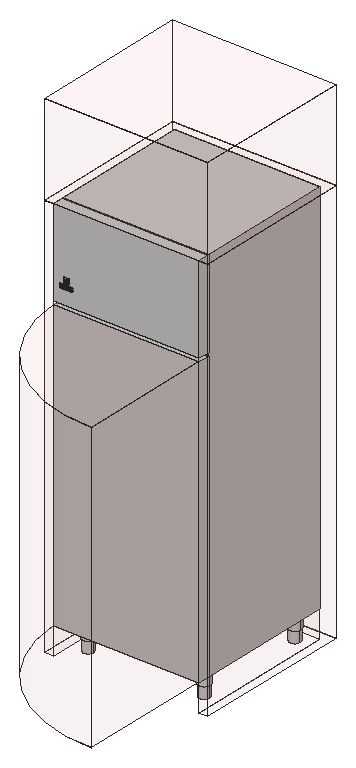
Revit family "QF_ELECTROLUXPROFESSIONAL_725224_ECBCFA100SB", category Attrezzature speciali, Revit 2018
Family settings
  Quota connettore circolare = Usa diametro
  Tipo di parte = Normale
  Basato su piano di lavoro = No
  Sempre verticale = Sì
  Taglio con vuoti quando caricato = No
  Condiviso = No
  Punto di calcolo locali = No
Parameters (values of type "Standard")
  Weight = 230.00 kg
  Watts = 3070 W
  Volts = 220 V
  URL Manufacturer = "https://www.electroluxprofessional.com/"
  URL = "https://www.electroluxprofessional.com/"
  Steam Supply Size = 0 mm
  Steam Supply Minimum Pressure = 0.0 Pa
  Steam Supply Maximum Pressure = 0.0 Pa
  Steam Consumption per Hour = 0
  Show Logo [instance] = yes
  Show Clearance [instance] = yes
  Refrigeration Suction Line Size = 0 mm
  Refrigeration Liquid Line Size = 0 mm
  Refrigerant Compressor Remote = yes
  Produttore = "Electrolux Professional"
  Phase = 3
  Modello = "ECBCFA100SB"
  Length Actual = 800 mm  # constant formula
  Item Number = "725224"
  Hot Water Size = 0 mm
  Height Actual = 2232 mm  # constant formula
  HP = "4.1 HP"
  Gas Size = 0 mm
  Gas KW = 0
  Gas Input Pressure = 0 W
  Direct Waste Size = 0 mm
  Descrizione = "BLAST CHILLER/FREEZER CW 100KG 20 GN 1/1 - R452A - 220-230V - 60HZ"
  Depth Actual = 833 mm  # constant formula
  Cycle = 60 Hz
  Condensate Return Size = 0 mm
  Compressed Air Volume = 0.0 L/s
  Compressed Air Size = 0 mm
  Compressed Air Pressure = 0.0 Pa
  Cold Water Size = 0 mm
  Accessory = yes
Types (2, lengths in mm): name | URL | Produttore | Phase | Modello | Descrizione
  (no name) | 0 | 0 | 0 | 0 | 0
  Standard | "https://www.electroluxprofessional.com/" | "Electrolux Professional" | 3 | "ECBCFA100SB" | "BLAST CHILLER/FREEZER CW 100KG 20 GN 1/1 - R452A - 220-230V - 60HZ"
Values of the unnamed type that differ from the named types
  Weight = 0.00 kg
  Watts = 0 W
  Volts = 0 V
  URL Manufacturer = ""
  Item Number = ""
  HP = ""
  Cycle = 0 Hz
Reference planes
  plane 1 "Center X": y = 131.351
  plane 2: z = 0
  plane 3 "Center Y": x = -359
  plane 4 "LEFT": x = -759
  plane 5 "BACK": y = 547.851
  plane 6 "RIGHT": x = 41
  plane 7 "FRONT": y = -285.149
  plane 8: z = 153
  plane 9 "TOP": z = 2232
  plane 10: x = -678
  plane 11: y = 475.851
  plane 12: x = -40
  plane 13: y = -52.149
  plane 14: z = 2212
  plane 15: y = -1022.149
Forms (mm)
  Extrusion 1, solid, material "QF_Finishes_Stainless Steel"
    sketch origin (0, 0, 2232) x (-1, 0, 0) y (0, -1, 0)
      loop
        line (759, 220.149) -> (-41, 220.149) -> (-41, -547.851) -> (759, -547.851) -> (759, 220.149)
    from 0 to -2079
  Extrusion 2, solid, material "QF_Finishes_Stainless Steel"
    sketch origin (-499.727, 496.851, 2154) x (1, 0, 0) y (0, 0, -1)
      loop
        circle (121.727, 1974) r 10.5
    from 0 to 10
  Extrusion 3, solid, material "QF_Finishes_Stainless Steel"
    sketch origin (-1206.916, -1524, 1911.234) x (-1, 0, 0) y (0, -1, 0)
      loop
        line (-447.916, -1238.851) -> (-1247.916, -1238.851) -> (-1247.916, -1303.851) -> (-447.916, -1303.851) -> (-447.916, -1238.851)
    from 320.766 to -159.234
  Extrusion 4, solid, material "QF_Finishes_Stainless Steel"
    sketch origin (-1206.916, -1636, 183) x (0, -1, 0) y (-1, 0, 0)
      loop
        circle (-1673.851, -847.916) r 9.5
    from 30 to 40
  Extrusion 5, solid, material "QF_Finishes_Stainless Steel"
    sketch origin (-623, 0, 1593.279) x (1, 0, 0) y (0, 1, 0)
      loop
        line (664, -285.149) -> (664, -220.149) -> (-136, -220.149) -> (-136, -285.149) -> (664, -285.149)
    from 139.721 to -1440.279
  Extrusion 6, solid, material "QF_Clearance", visible <- "Show Clearance"
    sketch origin (0, 0, 0) x (1, 0, 0) y (0, 1, 0)
      loop
        line (-759, 547.851) -> (41, 547.851) -> (41, -285.149) -> (91, -285.149) -> (91, 597.851) -> (-809, 597.851) -> (-809, -285.149) -> (-759, -285.149) -> (-759, 547.851)
    from 0 to 2232
  Extrusion 7, solid, material "QF_Clearance", visible <- "Show Clearance"
    sketch origin (0, 0, 0) x (1, 0, 0) y (0, 1, 0)
      loop
        line (-809, 597.851) -> (-809, -285.149) -> (91, -285.149) -> (91, 597.851) -> (-809, 597.851)
    from 2232 to 2732
  Extrusion 8, solid, material "QF_Clearance"
    sketch origin (0, 0, 0) x (1, 0, 0) y (0, 1, 0)
      loop
        line (41, -1022.149) -> (41, -285.149) -> (-759, -285.149)
        arc (-759, -285.149) -> (-508.136, -815.533) -> (41, -1022.149) r 781.976
    from 153 to 1733
  Extrusion 9, solid, material "QF_Finishes_Stainless Steel"
    sketch origin (-1206.916, 517.851, 128.149) x (1, 0, 0) y (0, 0, -1)
      loop
        circle (847.916, -1673.851) r 9.5
    from 30 to 40
Cuts and joins
  joined: Extrusion 1, Extrusion 2, Extrusion 4
Lines and regions (mm)
  Split face 1
    outline origin (41, -285.149, 1561.234) x (-1, 0, 0) y (0, 0, -1)
      loop
        line (800, -272) -> (600, -272) -> (575.858, -247.858) -> (224.142, -247.858) -> (200, -272) -> (0, -272)
  Split face 2
    outline origin (41, -285.149, 1561.234) x (-1, 0, 0) y (0, 0, -1)
      loop
        line (800, -232) -> (0, -232)
  Split face 3
    outline origin (22, -285.149, 1561.234) x (-1, 0, 0) y (0, 0, -1)
      loop
        line (408.5, -305.998) -> (408.5, -290.998) -> (353.5, -290.998) -> (353.5, -305.998) -> (408.5, -305.998)
  Split face 4
    outline origin (22, -285.149, 1536.234) x (-1, 0, 0) y (0, 0, -1)
      loop
        line (408.5, -305.998) -> (408.5, -290.998) -> (353.5, -290.998) -> (353.5, -305.998) -> (408.5, -305.998)
  Split face 5
    outline origin (41, -285.149, 1911.234) x (-1, 0, 0) y (0, 0, -1)
      loop
        line (800, 18.234) -> (0, 18.234)
  symbolic lines
    curve 1: line (-759, 547.851, 2232) -> (41, 547.851, 2232)
    curve 2: line (-759, -285.149, 2232) -> (-759, 547.851, 2232)
    curve 3: line (41, 547.851, 2232) -> (41, -285.149, 2232)
    curve 4: line (41, -285.149, 0) -> (-759, -285.149, 0)
  symbolic lines, style "QF_Clearances"
    curve 5: line (-809, 597.851, 0) -> (-809, -285.149, 0)
    curve 6: line (-809, -285.149, 0) -> (-759, -285.149, 0)
    curve 7: line (91, 597.851, 0) -> (91, -285.149, 0)
    curve 8: line (41, -285.149, 0) -> (91, -285.149, 0)
    curve 9: line (91, 597.851, 0) -> (-809, 597.851, 0)
  symbolic lines, style "QF_Door-Drawer Clearances"
    curve 10: arc (-759, -285.149, 0) -> (-508.136, -815.533, 0) -> (41, -1022.149, 0) r 781.976
    curve 11: line (41, -1022.149, 0) -> (41, -285.149, 0)
Dimensions and locks
  equal spacing: plane 4 "LEFT", plane 3 "Center Y", plane 6 "RIGHT"
  plane 4 "LEFT" to plane 6 "RIGHT" = 800 mm
  plane 5 "BACK" to plane 7 "FRONT" = 833 mm
  equal spacing: plane 5 "BACK", plane 1 "Center X", plane 7 "FRONT"
  cut or joined group of Extrusion 1, Extrusion 2, Extrusion 4 to Extrusion 2 sketch curve = 381 mm
  level to Extrusion 2 sketch curve = 180 mm
  plane 5 "BACK" to Extrusion 4 sketch curve = 510 mm
  plane 4 "LEFT" to Extrusion 4 sketch curve = 400 mm
  Extrusion 2 sketch curve to plane 4 "LEFT" = 381 mm
  plane 9 "TOP" to plane 2 = 2232 mm
  locked: plane 9 "TOP" to plane 14 at 20
  plane 8 to level = 153 mm
  plane 6 "RIGHT" to plane 12 = 81 mm
  plane 5 "BACK" to plane 15 = 1570 mm
  aligned and locked: level to plane 2
  aligned and locked: plane 12 to nested 3
  aligned and locked: plane 12 to nested 2
  aligned and locked: nested 4 to plane 11
  aligned and locked: nested 3 to plane 11
  aligned and locked: Extrusion 1 to plane 4 "LEFT"
  aligned and locked: plane 6 "RIGHT" to Extrusion 1
  aligned and locked: Extrusion 7 sketch curve to Extrusion 6  (x3)
  aligned and locked: Extrusion 7 to plane 9 "TOP"
  aligned and locked: Extrusion 1 to plane 8
  aligned and locked: plane 10 to nested 1
  aligned and locked: plane 10 to nested 4
  aligned and locked: plane 9 "TOP" to Extrusion 1
  aligned and locked: plane 9 "TOP" to Extrusion 6
  aligned and locked: plane 5 "BACK" to Extrusion 1 sketch curve
Automatic sketch dimensions
  curve 6 to plane 7 "FRONT" = 0 mm
  curve 4 to plane 4 "LEFT" = 0 mm
  curve 8 to plane 6 "RIGHT" = 0 mm
  curve 1 to plane 5 "BACK" = 0 mm
  curve 1 to plane 6 "RIGHT" = 0 mm
  curve 2 to plane 4 "LEFT" = 0 mm
  curve 3 to plane 7 "FRONT" = 0 mm
  curve 2 to plane 7 "FRONT" = 0 mm
  Extrusion 3 sketch curve to plane 6 "RIGHT" = 0 mm
  Extrusion 3 sketch curve to plane 4 "LEFT" = 0 mm
  Extrusion 3 sketch curve to plane 7 "FRONT" = 0 mm
  Extrusion 3 sketch curve to Extrusion 3 sketch curve = 65 mm
  Extrusion 5 sketch curve to plane 4 "LEFT" = 0 mm
  Extrusion 5 sketch curve to plane 6 "RIGHT" = 0 mm
  Extrusion 5 sketch curve to plane 7 "FRONT" = 0 mm
  Extrusion 5 sketch curve to Extrusion 5 sketch curve = 65 mm
  Split face 1 sketch curve to Extrusion 3 = 0 mm
  Extrusion 3 to Split face 1 sketch curve = 0 mm
  Split face 1 sketch curve to Extrusion 3 = 81.234 mm
  Split face 1 sketch curve to Split face 1 sketch curve = 200 mm
  Split face 1 sketch curve to Split face 1 sketch curve = 24.142 mm  (x3)
  Split face 1 sketch curve to Extrusion 3 = 57.092 mm
  Split face 1 sketch curve to Extrusion 3 = 224.142 mm
  Split face 2 sketch curve to Extrusion 3 = 0 mm
  Extrusion 3 to Split face 2 sketch curve = 0 mm
  Split face 2 sketch curve to Extrusion 3 = 41.234 mm
  Split face 3 sketch curve to Extrusion 3 = 115.232 mm
  Split face 3 sketch curve to Extrusion 3 = 372.5 mm
  Split face 3 sketch curve to Split face 3 sketch curve = 55 mm
  Split face 3 sketch curve to Split face 3 sketch curve = 15 mm
  Split face 4 sketch curve to Extrusion 3 = 90.232 mm
  Split face 4 sketch curve to Extrusion 3 = 372.5 mm
  Split face 4 sketch curve to Split face 4 sketch curve = 55 mm
  Split face 4 sketch curve to Split face 4 sketch curve = 15 mm
  Split face 5 sketch curve to Extrusion 3 = 0 mm
  Extrusion 3 to Split face 5 sketch curve = 0 mm
  Split face 5 sketch curve to Extrusion 3 = 141 mm
  Extrusion 8 sketch curve to plane 4 "LEFT" = 0 mm
  Extrusion 8 sketch curve to plane 6 "RIGHT" = 0 mm
  Extrusion 8 sketch curve to plane 15 = 0 mm
  Extrusion 8 sketch curve to plane 7 "FRONT" = 0 mm
  Extrusion 8 sketch curve to plane 6 "RIGHT" = 19.305 mm
  Extrusion 9 sketch curve to plane 3 "Center Y" = 0 mm
  plane 8 to Extrusion 9 sketch curve = 1649 mm
  Extrusion 6 sketch curve to plane 7 "FRONT" = 0 mm  (x2)
  Extrusion 6 sketch curve to plane 6 "RIGHT" = 0 mm
  Extrusion 6 sketch curve to plane 4 "LEFT" = 50 mm
  plane 6 "RIGHT" to Extrusion 6 sketch curve = 50 mm
  plane 5 "BACK" to Extrusion 6 sketch curve = 50 mm
  Extrusion 6 sketch curve to plane 5 "BACK" = 0 mm
  Extrusion 6 sketch curve to plane 4 "LEFT" = 0 mm
  plane 5 "BACK" to Extrusion 7 sketch curve = 50 mm
  Extrusion 1 sketch curve to plane 6 "RIGHT" = 0 mm
  Extrusion 1 sketch curve to plane 4 "LEFT" = 0 mm
  plane 7 "FRONT" to Extrusion 1 sketch curve = 65 mm
  curve 10 to plane 15 = 0 mm
  curve 10 to plane 6 "RIGHT" = 19.305 mm
  plane 6 "RIGHT" to curve 9 = 50 mm
  plane 5 "BACK" to curve 7 = 50 mm
  curve 9 to plane 4 "LEFT" = 50 mm
  radius of Extrusion 2 sketch curve = 10.5 mm
  radius of Extrusion 4 sketch curve = 9.5 mm
  radius of Extrusion 9 sketch curve = 9.5 mm
Nested families
  nested 1: "Foot_Complete" at (-678, -148.149, 0), type "Foot_Complete"
    with H 153 mm
  nested 2: "Foot_Complete" at (-40, -148.149, 0), type "Foot_Complete"
    with H 153 mm
  nested 3: "Foot_Complete" at (-40, 475.851, 0), type "Foot_Complete"
    with H 153 mm
  nested 4: "Foot_Complete" at (-678, 475.851, 0), type "Foot_Complete"
    with H 153 mm
  nested 5: "ELX_Pro_Logo" at (-689, -285.149, 1859.25) x (1, 0, 0) z (0, -1, 0), type "ELX_Pro_Logo"
Connectors
  piping at (-359, 37.851, 143), diameter 19
    settings: on cut or joined group of Extrusion 1, Extrusion 2, Extrusion 4, index 6, connector inside diameter 609.6 mm, connector length 0 mm, flow factor 0, pipe flow 0.0 L/s, pressure drop 0.0 Pa, fitting loss kfactor 0, connector angle 0.00°, fixture units 0, engagement length 0 mm, angle of deflection 0.00°, flow configuration 1, flow direction 2, fitting loss method 0, system type 16, joint type 0, gender type 0, connector reference index -1, connector utility 0, adjustable connector no, is connector primary yes, connector description "Drain"
  electrical at (-359, 557.851, 1802)
    settings: on Extrusion 9, index 7, voltage 0 V, apparent load 0 VA, apparent load phase1 0 VA, apparent load phase2 0 VA, apparent load phase3 0 VA, power factor 1, load classification "Altro", number of poles 1, system type 30, power factor state 1, is connector primary yes, connector utility no, sub classification motor no, connector description ""
Definition of nested family "Foot_Complete"
  Parameters
    R = 32 mm
    H = 150 mm
  Reference planes
    plane 1 "Centro (Fronte/Retro)": y = 0
    plane 2: z = 0
    plane 3 "Centro (Sinistra/Destra)": x = 0
    plane 4: z = 150
  Forms (mm)
    Revolve 1, solid
      sketch origin (255.05, 0, 608.09) x (0, 0, 1) y (-1, 0, 0)
        loop
          line (-608.09, 255.05) -> (-608.09, 226.55) -> (-544.09, 226.55) -> (-544.09, 223.05) -> (-458.09, 223.05) -> (-458.09, 255.05) -> (-608.09, 255.05)
        axis (-608.09, 255.05) -> (-458.09, 255.05)
      angle from 0 to 360
  Dimensions and locks
    locked: level to Revolve 1 sketch curve at 64
    "R": Revolve 1 sketch curve to plane 3 "Centro (Sinistra/Destra)"
    "H": plane 4 to level
    aligned and locked: level to plane 2
    aligned and locked: plane 4 to Revolve 1 sketch curve
    aligned and locked: Revolve 1 sketch curve to level
    aligned and locked: plane 3 "Centro (Sinistra/Destra)" to Revolve 1 sketch curve
  Automatic sketch dimensions
    Revolve 1 sketch curve to plane 3 "Centro (Sinistra/Destra)" = 0 mm
    plane 3 "Centro (Sinistra/Destra)" to Revolve 1 sketch curve = 28.5 mm
    Revolve 1 sketch curve to Revolve 1 sketch curve = 50 mm
    Revolve 1 sketch curve to Revolve 1 sketch curve = 20 mm
Definition of nested family "ELX_Pro_Logo"
  Parameters (values of type "ELX_Pro_Logo")
    M = none
    Default Elevation = 0 mm
  Reference planes
    plane 1 "Centro (Fronte/Retro)": y = 0
    plane 2: z = 0
    plane 3 "Centro (Sinistra/Destra)": x = 0
  Forms (mm)
    Extrusion 1, solid
      sketch origin (0, 0, 0) x (1, 0, 0) y (0, 1, 0)
        loop
          line (-1219.2, 1219.2) -> (-1219.2, -1219.2) -> (1219.2, -1219.2) -> (1219.2, 1219.2) -> (-1219.2, 1219.2)
      from 0 to -304.8
    Extrusion 2, solid, material <- "M"
      sketch origin (-144.622, -1081.55, 0) x (-1, 0, 0) y (0, -1, 0)
        loop
          line (-111.329, -1069.559) -> (-111.329, -1071.073) -> (-116.048, -1071.073) -> (-116.048, -1072.896) -> (-111.328, -1072.896) -> (-111.328, -1075.549) -> (-116.349, -1075.549) -> (-116.349, -1077.368) -> (-109.396, -1077.368) -> (-109.396, -1073.46) -> (-109.396, -1069.659)
          arc (-109.396, -1069.659) -> (-110.425, -1067.175) -> (-112.909, -1066.146) r 3.513
          line (-112.909, -1066.146) -> (-116.483, -1066.146) -> (-116.483, -1067.963) -> (-112.925, -1067.963)
          arc (-112.925, -1067.963) -> (-111.797, -1068.431) -> (-111.329, -1069.559) r 1.596
        loop
          line (-119.79, -1077.358) -> (-117.856, -1077.358) -> (-117.856, -1072.053) -> (-117.856, -1066.132) -> (-119.79, -1066.132) -> (-119.79, -1072.092) -> (-119.79, -1077.358)
        loop
          line (-122.986, -1069.718) -> (-129.327, -1069.718)
          arc (-129.327, -1069.718) -> (-129.219, -1071.449) -> (-128.497, -1073.026) r 4.757
          arc (-128.497, -1073.026) -> (-125.237, -1074.5) -> (-121.978, -1073.026) r 4.34
          arc (-121.978, -1073.026) -> (-121.072, -1070.207) -> (-121.978, -1067.388) r 4.838
          arc (-121.978, -1067.388) -> (-125.393, -1065.933) -> (-128.809, -1067.388) r 4.737
          line (-128.809, -1067.388) -> (-127.645, -1068.52)
          arc (-127.645, -1068.52) -> (-125.509, -1067.576) -> (-123.374, -1068.52) r 2.888
          arc (-123.374, -1068.52) -> (-123.05, -1069.077) -> (-122.986, -1069.718) r 1.527
        loop
          arc (-127.386, -1071.076) -> (-126.67, -1072.331) -> (-125.331, -1072.872) r 2.201
          arc (-125.331, -1072.872) -> (-123.848, -1072.402) -> (-123.033, -1071.076) r 2.23
          line (-123.033, -1071.076) -> (-127.386, -1071.076)
        loop
          line (-136.862, -1071.886) -> (-138.059, -1073.132)
          arc (-138.059, -1073.132) -> (-130.327, -1070.219) -> (-138.059, -1067.306) r 4.415
          line (-138.059, -1067.306) -> (-136.862, -1068.553)
          arc (-136.862, -1068.553) -> (-132.252, -1070.22) -> (-136.862, -1071.886) r 2.606
        loop
          line (-141.192, -1069.673) -> (-141.192, -1072.494) -> (-142.951, -1072.494) -> (-142.951, -1074.25) -> (-141.195, -1074.25) -> (-141.195, -1077.358) -> (-139.262, -1077.358) -> (-139.262, -1073.332) -> (-139.262, -1069.514)
          arc (-139.262, -1069.514) -> (-140.299, -1066.92) -> (-142.98, -1066.132) r 3.196
          line (-142.98, -1066.132) -> (-142.987, -1067.949)
          arc (-142.987, -1067.949) -> (-141.652, -1068.356) -> (-141.192, -1069.673) r 1.542
        loop
          line (-146.494, -1073.042) -> (-146.494, -1074.25) -> (-144.576, -1074.25) -> (-144.576, -1070.271) -> (-144.576, -1066.132) -> (-146.494, -1066.132) -> (-146.494, -1070.401)
          arc (-146.494, -1070.401) -> (-147.446, -1072.228) -> (-149.489, -1072.494) r 2.229
          line (-149.489, -1072.494) -> (-149.489, -1074.362)
          arc (-149.489, -1074.362) -> (-147.761, -1074.226) -> (-146.494, -1073.042) r 2.627
        loop
          line (-159.833, -1072.246) -> (-159.833, -1066.131) -> (-161.767, -1066.131) -> (-161.767, -1072.17) -> (-161.767, -1077.359) -> (-159.833, -1077.359) -> (-159.833, -1072.246)
        loop
          line (-165.194, -1069.514) -> (-165.194, -1074.25) -> (-163.245, -1074.25) -> (-163.245, -1071.898) -> (-163.245, -1069.098)
          arc (-163.245, -1069.098) -> (-166.96, -1065.769) -> (-170.687, -1069.085) r 3.745
          line (-170.687, -1069.085) -> (-170.687, -1071.898) -> (-170.687, -1074.25) -> (-168.739, -1074.25) -> (-168.739, -1069.514)
          arc (-168.739, -1069.514) -> (-166.967, -1067.742) -> (-165.194, -1069.514) r 1.772
        loop
          line (-174.654, -1070.416) -> (-172.975, -1068.078) -> (-171.578, -1066.131) -> (-173.656, -1066.131) -> (-175.717, -1068.999) -> (-177.779, -1066.131) -> (-179.857, -1066.131) -> (-178, -1068.728) -> (-176.781, -1070.433) -> (-178.29, -1072.488) -> (-179.583, -1074.25) -> (-177.473, -1074.25) -> (-175.717, -1071.818) -> (-173.945, -1074.25) -> (-171.852, -1074.25) -> (-173.052, -1072.608) -> (-174.654, -1070.416)
        loop
          circle (-154.223, -1070.188) r 2.508
        loop
          circle (-154.223, -1070.188) r 4.42
        loop
          line (-110.224, -1058.542) -> (-111.194, -1058.542)
          arc (-111.194, -1058.542) -> (-112.217, -1059.95) -> (-110.924, -1061.114) r 1.3
          line (-110.924, -1061.114) -> (-109.424, -1061.114) -> (-109.424, -1057.223) -> (-110.224, -1057.223) -> (-110.224, -1058.542)
        loop
          line (-110.224, -1060.379) -> (-110.224, -1059.293) -> (-111.03, -1059.293)
          arc (-111.03, -1059.293) -> (-111.43, -1059.836) -> (-111.03, -1060.379) r 0.569
          line (-111.03, -1060.379) -> (-110.224, -1060.379)
        loop
          line (-116.302, -1058.564) -> (-117.128, -1058.564) -> (-117.934, -1057.223) -> (-118.841, -1057.223) -> (-117.833, -1058.884)
          arc (-117.833, -1058.884) -> (-118.214, -1060.282) -> (-117.028, -1061.114) r 1.26
          line (-117.028, -1061.114) -> (-115.503, -1061.114) -> (-115.503, -1057.223) -> (-116.302, -1057.223) -> (-116.302, -1058.564)
        loop
          line (-116.302, -1060.379) -> (-116.302, -1059.293) -> (-117.109, -1059.293)
          arc (-117.109, -1059.293) -> (-117.508, -1059.836) -> (-117.109, -1060.379) r 0.569
          line (-117.109, -1060.379) -> (-116.302, -1060.379)
        loop
          line (-128.923, -1057.223) -> (-129.723, -1057.223) -> (-129.723, -1058.714) -> (-131.187, -1058.714) -> (-131.187, -1059.514) -> (-129.723, -1059.514) -> (-129.723, -1060.314) -> (-131.327, -1060.314) -> (-131.327, -1061.114) -> (-128.923, -1061.114) -> (-128.923, -1057.223)
        loop
          arc (-134.628, -1058.469) -> (-134.992, -1057.588) -> (-135.874, -1057.223) r 1.246
          line (-135.874, -1057.223) -> (-137.13, -1057.223) -> (-137.13, -1058.023) -> (-135.969, -1058.023)
          arc (-135.969, -1058.023) -> (-135.53, -1058.237) -> (-135.427, -1058.714) r 0.558
          line (-135.427, -1058.714) -> (-136.984, -1058.714) -> (-136.984, -1059.514) -> (-135.427, -1059.514) -> (-135.427, -1060.314) -> (-137.092, -1060.314) -> (-137.092, -1061.114) -> (-134.628, -1061.114) -> (-134.628, -1058.469)
        loop
          line (-152.3, -1057.223) -> (-153.1, -1057.223) -> (-153.1, -1061.114) -> (-152.3, -1061.114) -> (-152.3, -1057.223)
        loop
          line (-164.67, -1057.223) -> (-164.67, -1059.67) -> (-166.45, -1057.223) -> (-167.25, -1057.223) -> (-167.25, -1061.114) -> (-166.42, -1061.114) -> (-166.42, -1058.594) -> (-164.64, -1061.114) -> (-163.84, -1061.114) -> (-163.84, -1057.223) -> (-164.67, -1057.223)
        loop
          line (-170.403, -1057.223) -> (-171.262, -1057.223) -> (-171.641, -1058.063) -> (-173.08, -1058.063) -> (-173.459, -1057.223) -> (-174.317, -1057.223) -> (-172.796, -1061.113) -> (-171.996, -1061.113) -> (-170.403, -1057.223)
        loop
          line (-177.493, -1057.223) -> (-179.789, -1057.223) -> (-179.789, -1058.023) -> (-178.293, -1058.023) -> (-178.293, -1061.114) -> (-177.493, -1061.114) -> (-177.493, -1057.223)
        loop
          line (-172.362, -1059.848) -> (-171.945, -1058.83) -> (-172.76, -1058.83) -> (-172.362, -1059.848)
        loop
          circle (-158.484, -1059.145) r 1.288
        loop
          circle (-158.484, -1059.145) r 2.065
        loop
          arc (-146.04, -1058.095) -> (-146.933, -1057.275) -> (-148.145, -1057.245) r 1.725
          arc (-148.145, -1057.245) -> (-148.965, -1058.02) -> (-148.68, -1059.111) r 1.107
          arc (-148.68, -1059.111) -> (-148.103, -1059.465) -> (-147.486, -1059.746) r 5.523
          arc (-147.486, -1059.746) -> (-147.147, -1060.262) -> (-147.708, -1060.52) r 0.407
          arc (-147.708, -1060.52) -> (-148.045, -1060.315) -> (-148.325, -1060.038) r 1.702
          line (-148.325, -1060.038) -> (-149.011, -1060.45)
          arc (-149.011, -1060.45) -> (-148.578, -1060.911) -> (-148.043, -1061.247) r 2.463
          arc (-148.043, -1061.247) -> (-146.373, -1060.466) -> (-147.42, -1058.949) r 1.207
          spline (-147.42, -1058.949) -> (-147.716, -1058.809) -> (-147.932, -1058.678) -> (-148.077, -1058.557) -> (-148.163, -1058.446) -> (-148.198, -1058.347) -> (-148.192, -1058.258) -> (-148.157, -1058.182) -> (-148.102, -1058.118) -> (-148.037, -1058.068) -> (-147.972, -1058.031) -> (-147.917, -1058.008) -> (-147.883, -1058)
          arc (-147.883, -1058) -> (-147.238, -1058.014) -> (-146.759, -1058.446) r 0.925
          line (-146.759, -1058.446) -> (-146.04, -1058.095)
        loop
          arc (-140.18, -1058.095) -> (-141.073, -1057.275) -> (-142.285, -1057.245) r 1.725
          arc (-142.285, -1057.245) -> (-143.106, -1058.02) -> (-142.821, -1059.111) r 1.107
          arc (-142.821, -1059.111) -> (-142.243, -1059.465) -> (-141.627, -1059.746) r 5.523
          arc (-141.627, -1059.746) -> (-141.287, -1060.262) -> (-141.849, -1060.52) r 0.407
          arc (-141.849, -1060.52) -> (-142.185, -1060.315) -> (-142.466, -1060.038) r 1.702
          line (-142.466, -1060.038) -> (-143.151, -1060.45)
          arc (-143.151, -1060.45) -> (-142.719, -1060.911) -> (-142.183, -1061.247) r 2.463
          arc (-142.183, -1061.247) -> (-140.513, -1060.466) -> (-141.56, -1058.949) r 1.207
          spline (-141.56, -1058.949) -> (-141.856, -1058.809) -> (-142.072, -1058.678) -> (-142.218, -1058.557) -> (-142.303, -1058.446) -> (-142.338, -1058.347) -> (-142.333, -1058.258) -> (-142.298, -1058.182) -> (-142.242, -1058.118) -> (-142.177, -1058.068) -> (-142.112, -1058.031) -> (-142.057, -1058.008) -> (-142.023, -1058)
          arc (-142.023, -1058) -> (-141.378, -1058.014) -> (-140.9, -1058.446) r 0.925
          line (-140.9, -1058.446) -> (-140.18, -1058.095)
        loop
          circle (-123.484, -1059.145) r 1.288
        loop
          circle (-123.484, -1059.145) r 2.065
        loop
          line (-130.225, -1113.361) -> (-130.225, -1084.645) -> (-158.979, -1084.645) -> (-158.979, -1113.361) -> (-130.225, -1113.361)
        loop
          arc (-148.442, -1086.055) -> (-157.992, -1098.973) -> (-148.442, -1111.892) r 13.512
          line (-148.442, -1111.892) -> (-148.442, -1086.055)
        loop
          line (-147.127, -1086.055) -> (-147.127, -1087.926)
          arc (-147.127, -1087.926) -> (-143.116, -1095.125) -> (-135.48, -1098.224) r 12.412
          line (-135.48, -1098.224) -> (-131.205, -1098.224)
          arc (-131.205, -1098.224) -> (-136.382, -1088.497) -> (-147.127, -1086.055) r 13.242
        loop
          line (-147.127, -1110.021) -> (-147.127, -1112.224)
          arc (-147.127, -1112.224) -> (-136.374, -1109.53) -> (-131.205, -1099.722) r 13.588
          line (-131.205, -1099.722) -> (-135.48, -1099.722)
          arc (-135.48, -1099.722) -> (-143.116, -1102.822) -> (-147.127, -1110.021) r 12.412
      from 0 to 1.6
  Lines and regions (mm)
    symbolic lines
      curve 1: line (-14.357, 31.811, 0) -> (14.357, 31.811, 0)
      curve 2: line (-14.357, 3.095, 0) -> (-14.357, 31.811, 0)
      curve 3: line (14.357, 3.095, 0) -> (-14.357, 3.095, 0)
      curve 4: line (14.357, 31.811, 0) -> (14.357, 3.095, 0)
      curve 5: line (-8.32, 7.722, 0) -> (-9.387, 8.738, 0)
      curve 6: line (-9.387, 8.738, 0) -> (-10.331, 9.866, 0)
      curve 7: line (-10.331, 9.866, 0) -> (-11.141, 11.095, 0)
      curve 8: line (-11.141, 11.095, 0) -> (-11.805, 12.411, 0)
      curve 9: line (-11.805, 12.411, 0) -> (-12.31, 13.803, 0)
      curve 10: line (-12.31, 13.803, 0) -> (-12.646, 15.26, 0)
      curve 11: line (-12.646, 15.26, 0) -> (-12.8, 16.77, 0)
      curve 12: line (-12.8, 16.77, 0) -> (-10.081, 16.77, 0)
      curve 13: line (-10.081, 16.77, 0) -> (-8.466, 16.661, 0)
      curve 14: line (-8.466, 16.661, 0) -> (-6.88, 16.344, 0)
      curve 15: line (-6.88, 16.344, 0) -> (-5.345, 15.833, 0)
      curve 16: line (-5.345, 15.833, 0) -> (-3.882, 15.143, 0)
      curve 17: line (-3.882, 15.143, 0) -> (-2.511, 14.288, 0)
      curve 18: line (-2.511, 14.288, 0) -> (-1.255, 13.283, 0)
      curve 19: line (-1.255, 13.283, 0) -> (-0.135, 12.143, 0)
      curve 20: line (-0.135, 12.143, 0) -> (0.83, 10.882, 0)
      curve 21: line (0.83, 10.882, 0) -> (1.616, 9.515, 0)
      curve 22: arc (1.616, 9.515, 0) -> (2.419, 7.28, 0) -> (2.7, 4.923, 0) r 10.532
      curve 23: arc (2.7, 4.923, 0) -> (1.362, 4.715, 0) -> (0.011, 4.633, 0) r 14.39
      curve 24: line (0.011, 4.633, 0) -> (-1.56, 4.731, 0)
      curve 25: line (-1.56, 4.731, 0) -> (-3.062, 5.011, 0)
      curve 26: line (-3.062, 5.011, 0) -> (-4.502, 5.462, 0)
      curve 27: line (-4.502, 5.462, 0) -> (-5.866, 6.072, 0)
      curve 28: line (-5.866, 6.072, 0) -> (-7.142, 6.829, 0)
      curve 29: line (-7.142, 6.829, 0) -> (-8.32, 7.722, 0)
      curve 30: line (-10.802, 24.24, 0) -> (-9.872, 25.531, 0)
      curve 31: line (-9.872, 25.531, 0) -> (-8.796, 26.699, 0)
      curve 32: line (-8.796, 26.699, 0) -> (-7.587, 27.728, 0)
      curve 33: line (-7.587, 27.728, 0) -> (-6.258, 28.602, 0)
      curve 34: line (-6.258, 28.602, 0) -> (-4.823, 29.309, 0)
      curve 35: line (-4.823, 29.309, 0) -> (-3.293, 29.832, 0)
      curve 36: line (-3.293, 29.832, 0) -> (-1.683, 30.156, 0)
      curve 37: arc (-1.683, 30.156, 0) -> (0.517, 30.256, 0) -> (2.702, 29.984, 0) r 13.008
      curve 38: arc (2.702, 29.984, 0) -> (2.453, 27.616, 0) -> (1.617, 25.387, 0) r 9.395
      curve 39: line (1.617, 25.387, 0) -> (0.83, 24.018, 0)
      curve 40: line (0.83, 24.018, 0) -> (-0.134, 22.756, 0)
      curve 41: line (-0.134, 22.756, 0) -> (-1.255, 21.615, 0)
      curve 42: line (-1.255, 21.615, 0) -> (-2.512, 20.609, 0)
      curve 43: line (-2.512, 20.609, 0) -> (-3.882, 19.754, 0)
      curve 44: line (-3.882, 19.754, 0) -> (-5.346, 19.063, 0)
      curve 45: line (-5.346, 19.063, 0) -> (-6.881, 18.551, 0)
      curve 46: line (-6.881, 18.551, 0) -> (-8.467, 18.234, 0)
      curve 47: line (-8.467, 18.234, 0) -> (-10.083, 18.125, 0)
      curve 48: line (-10.083, 18.125, 0) -> (-12.798, 18.125, 0)
      curve 49: line (-12.798, 18.125, 0) -> (-12.584, 19.768, 0)
      curve 50: line (-12.584, 19.768, 0) -> (-12.171, 21.343, 0)
      curve 51: line (-12.171, 21.343, 0) -> (-11.572, 22.839, 0)
      curve 52: line (-11.572, 22.839, 0) -> (-10.802, 24.24, 0)
      curve 53: line (4.048, 5.294, 0) -> (4.048, 29.617, 0)
      curve 54: line (4.048, 29.617, 0) -> (5.525, 29.026, 0)
      curve 55: line (5.525, 29.026, 0) -> (6.905, 28.26, 0)
      curve 56: line (6.905, 28.26, 0) -> (8.174, 27.332, 0)
      curve 57: line (8.174, 27.332, 0) -> (9.318, 26.256, 0)
      curve 58: line (9.318, 26.256, 0) -> (10.323, 25.046, 0)
      curve 59: line (10.323, 25.046, 0) -> (11.177, 23.715, 0)
      curve 60: line (11.177, 23.715, 0) -> (11.865, 22.277, 0)
      curve 61: line (11.865, 22.277, 0) -> (12.375, 20.746, 0)
      curve 62: line (12.375, 20.746, 0) -> (12.693, 19.135, 0)
      curve 63: line (12.693, 19.135, 0) -> (12.804, 17.459, 0)
      curve 64: line (12.804, 17.459, 0) -> (12.702, 15.807, 0)
      curve 65: line (12.702, 15.807, 0) -> (12.396, 14.216, 0)
      curve 66: line (12.396, 14.216, 0) -> (11.897, 12.7, 0)
      curve 67: line (11.897, 12.7, 0) -> (11.218, 11.271, 0)
      curve 68: line (11.218, 11.271, 0) -> (10.372, 9.944, 0)
      curve 69: line (10.372, 9.944, 0) -> (9.37, 8.731, 0)
      curve 70: line (9.37, 8.731, 0) -> (8.224, 7.646, 0)
      curve 71: line (8.224, 7.646, 0) -> (6.947, 6.703, 0)
      curve 72: line (6.947, 6.703, 0) -> (5.551, 5.914, 0)
      curve 73: line (5.551, 5.914, 0) -> (4.048, 5.294, 0)
      curve 74: line (-35.227, -8.09, 0) -> (-35.227, -11.891, 0)
      curve 75: arc (-35.227, -11.891, 0) -> (-34.198, -14.375, 0) -> (-31.714, -15.404, 0) r 3.513
      curve 76: line (-31.714, -15.404, 0) -> (-28.139, -15.404, 0)
      curve 77: line (-28.139, -15.404, 0) -> (-28.139, -13.587, 0)
      curve 78: line (-28.139, -13.587, 0) -> (-31.697, -13.587, 0)
      curve 79: arc (-31.697, -13.587, 0) -> (-32.826, -13.119, 0) -> (-33.293, -11.991, 0) r 1.596
      curve 80: line (-33.293, -11.991, 0) -> (-33.293, -10.477, 0)
      curve 81: line (-33.293, -10.477, 0) -> (-28.574, -10.477, 0)
      curve 82: line (-28.574, -10.477, 0) -> (-28.574, -8.654, 0)
      curve 83: line (-28.574, -8.654, 0) -> (-33.294, -8.654, 0)
      curve 84: line (-33.294, -8.654, 0) -> (-33.294, -6.001, 0)
      curve 85: line (-33.294, -6.001, 0) -> (-28.273, -6.001, 0)
      curve 86: line (-28.273, -6.001, 0) -> (-28.273, -4.182, 0)
      curve 87: line (-28.273, -4.182, 0) -> (-35.227, -4.182, 0)
      curve 88: line (-35.227, -4.182, 0) -> (-35.227, -8.09, 0)
      curve 89: line (-24.833, -9.458, 0) -> (-24.833, -4.192, 0)
      curve 90: line (-24.833, -4.192, 0) -> (-26.766, -4.192, 0)
      curve 91: line (-26.766, -4.192, 0) -> (-26.766, -9.497, 0)
      curve 92: line (-26.766, -9.497, 0) -> (-26.766, -15.418, 0)
      curve 93: line (-26.766, -15.418, 0) -> (-24.833, -15.418, 0)
      curve 94: line (-24.833, -15.418, 0) -> (-24.833, -9.458, 0)
      curve 95: arc (-16.125, -8.524, 0) -> (-19.385, -7.05, 0) -> (-22.645, -8.524, 0) r 4.34
      curve 96: arc (-22.645, -8.524, 0) -> (-23.551, -11.343, 0) -> (-22.645, -14.162, 0) r 4.838
      curve 97: arc (-22.645, -14.162, 0) -> (-19.229, -15.617, 0) -> (-15.813, -14.162, 0) r 4.737
      curve 98: line (-15.813, -14.162, 0) -> (-16.978, -13.03, 0)
      curve 99: arc (-16.978, -13.03, 0) -> (-19.113, -13.974, 0) -> (-21.249, -13.03, 0) r 2.888
      curve 100: arc (-21.249, -13.03, 0) -> (-21.572, -12.473, 0) -> (-21.637, -11.832, 0) r 1.527
      curve 101: line (-21.637, -11.832, 0) -> (-15.295, -11.832, 0)
      curve 102: arc (-15.295, -11.832, 0) -> (-15.404, -10.101, 0) -> (-16.125, -8.524, 0) r 4.757
      curve 103: line (-17.236, -10.474, 0) -> (-21.589, -10.474, 0)
      curve 104: arc (-21.589, -10.474, 0) -> (-20.774, -9.148, 0) -> (-19.291, -8.678, 0) r 2.23
      curve 105: arc (-19.291, -8.678, 0) -> (-17.952, -9.219, 0) -> (-17.236, -10.474, 0) r 2.201
      curve 106: arc (-6.563, -8.418, 0) -> (-14.295, -11.331, 0) -> (-6.563, -14.244, 0) r 4.415
      curve 107: line (-6.563, -14.244, 0) -> (-7.761, -12.997, 0)
      curve 108: arc (-7.761, -12.997, 0) -> (-12.371, -11.33, 0) -> (-7.761, -9.664, 0) r 2.606
      curve 109: line (-7.761, -9.664, 0) -> (-6.563, -8.418, 0)
      curve 110: line (-5.361, -4.192, 0) -> (-5.361, -8.218, 0)
      curve 111: line (-5.361, -8.218, 0) -> (-5.361, -12.036, 0)
      curve 112: arc (-5.361, -12.036, 0) -> (-4.323, -14.63, 0) -> (-1.642, -15.418, 0) r 3.196
      curve 113: line (-1.642, -15.418, 0) -> (-1.636, -13.601, 0)
      curve 114: arc (-1.636, -13.601, 0) -> (-2.97, -13.194, 0) -> (-3.43, -11.877, 0) r 1.542
      curve 115: line (-3.43, -11.877, 0) -> (-3.43, -9.056, 0)
      curve 116: line (-3.43, -9.056, 0) -> (-1.672, -9.056, 0)
      curve 117: line (-1.672, -9.056, 0) -> (-1.672, -7.299, 0)
      curve 118: line (-1.672, -7.299, 0) -> (-3.427, -7.299, 0)
      curve 119: line (-3.427, -7.299, 0) -> (-3.427, -4.192, 0)
      curve 120: line (-3.427, -4.192, 0) -> (-5.361, -4.192, 0)
      curve 121: line (1.872, -7.3, 0) -> (-0.046, -7.3, 0)
      curve 122: line (-0.046, -7.3, 0) -> (-0.046, -11.279, 0)
      curve 123: line (-0.046, -11.279, 0) -> (-0.046, -15.418, 0)
      curve 124: line (-0.046, -15.418, 0) -> (1.872, -15.418, 0)
      curve 125: line (1.872, -15.418, 0) -> (1.872, -11.149, 0)
      curve 126: arc (1.872, -11.149, 0) -> (2.824, -9.322, 0) -> (4.867, -9.056, 0) r 2.229
      curve 127: line (4.867, -9.056, 0) -> (4.867, -7.188, 0)
      curve 128: arc (4.867, -7.188, 0) -> (3.138, -7.324, 0) -> (1.872, -8.508, 0) r 2.627
      curve 129: line (1.872, -8.508, 0) -> (1.872, -7.3, 0)
      curve 130: arc (7.092, -11.362, 0) -> (9.601, -8.854, 0) -> (12.109, -11.362, 0) r 2.508
      curve 131: arc (12.109, -11.362, 0) -> (9.601, -13.871, 0) -> (7.092, -11.362, 0) r 2.508
      curve 132: arc (5.18, -11.362, 0) -> (9.601, -15.783, 0) -> (14.021, -11.362, 0) r 4.42
      curve 133: arc (14.021, -11.362, 0) -> (9.601, -6.942, 0) -> (5.18, -11.362, 0) r 4.42
      curve 134: line (15.211, -4.191, 0) -> (15.211, -9.304, 0)
      curve 135: line (15.211, -9.304, 0) -> (15.211, -15.419, 0)
      curve 136: line (15.211, -15.419, 0) -> (17.145, -15.419, 0)
      curve 137: line (17.145, -15.419, 0) -> (17.145, -9.38, 0)
      curve 138: line (17.145, -9.38, 0) -> (17.145, -4.191, 0)
      curve 139: line (17.145, -4.191, 0) -> (15.211, -4.191, 0)
      curve 140: line (18.622, -7.299, 0) -> (18.622, -9.652, 0)
      curve 141: line (18.622, -9.652, 0) -> (18.622, -12.452, 0)
      curve 142: arc (18.622, -12.452, 0) -> (22.338, -15.781, 0) -> (26.064, -12.465, 0) r 3.745
      curve 143: line (26.064, -12.465, 0) -> (26.064, -9.652, 0)
      curve 144: line (26.064, -9.652, 0) -> (26.064, -7.299, 0)
      curve 145: line (26.064, -7.299, 0) -> (24.116, -7.299, 0)
      curve 146: line (24.116, -7.299, 0) -> (24.116, -12.036, 0)
      curve 147: arc (24.116, -12.036, 0) -> (22.344, -13.808, 0) -> (20.572, -12.036, 0) r 1.772
      curve 148: line (20.572, -12.036, 0) -> (20.572, -7.299, 0)
      curve 149: line (20.572, -7.299, 0) -> (18.622, -7.299, 0)
      curve 150: line (28.43, -8.942, 0) -> (30.032, -11.134, 0)
      curve 151: line (30.032, -11.134, 0) -> (28.353, -13.472, 0)
      curve 152: line (28.353, -13.472, 0) -> (26.955, -15.419, 0)
      curve 153: line (26.955, -15.419, 0) -> (29.033, -15.419, 0)
      curve 154: line (29.033, -15.419, 0) -> (31.095, -12.551, 0)
      curve 155: line (31.095, -12.551, 0) -> (33.156, -15.419, 0)
      curve 156: line (33.156, -15.419, 0) -> (35.234, -15.419, 0)
      curve 157: line (35.234, -15.419, 0) -> (33.378, -12.822, 0)
      curve 158: line (33.378, -12.822, 0) -> (32.158, -11.117, 0)
      curve 159: line (32.158, -11.117, 0) -> (33.668, -9.062, 0)
      curve 160: line (33.668, -9.062, 0) -> (34.961, -7.3, 0)
      curve 161: line (34.961, -7.3, 0) -> (32.851, -7.3, 0)
      curve 162: line (32.851, -7.3, 0) -> (31.095, -9.732, 0)
      curve 163: line (31.095, -9.732, 0) -> (29.323, -7.3, 0)
      curve 164: line (29.323, -7.3, 0) -> (27.23, -7.3, 0)
      curve 165: line (27.23, -7.3, 0) -> (28.43, -8.942, 0)
      curve 166: line (-35.198, -20.436, 0) -> (-35.198, -24.327, 0)
      curve 167: line (-35.198, -24.327, 0) -> (-34.398, -24.327, 0)
      curve 168: line (-34.398, -24.327, 0) -> (-34.398, -23.008, 0)
      curve 169: line (-34.398, -23.008, 0) -> (-33.428, -23.008, 0)
      curve 170: arc (-33.428, -23.008, 0) -> (-32.405, -21.6, 0) -> (-33.699, -20.436, 0) r 1.3
      curve 171: line (-33.699, -20.436, 0) -> (-35.198, -20.436, 0)
      curve 172: line (-34.398, -22.257, 0) -> (-34.398, -21.171, 0)
      curve 173: line (-34.398, -21.171, 0) -> (-33.592, -21.171, 0)
      curve 174: arc (-33.592, -21.171, 0) -> (-33.192, -21.714, 0) -> (-33.592, -22.257, 0) r 0.569
      curve 175: line (-33.592, -22.257, 0) -> (-34.398, -22.257, 0)
      curve 176: line (-29.12, -20.436, 0) -> (-29.12, -24.327, 0)
      curve 177: line (-29.12, -24.327, 0) -> (-28.32, -24.327, 0)
      curve 178: line (-28.32, -24.327, 0) -> (-28.32, -22.986, 0)
      curve 179: line (-28.32, -22.986, 0) -> (-27.494, -22.986, 0)
      curve 180: line (-27.494, -22.986, 0) -> (-26.688, -24.327, 0)
      curve 181: line (-26.688, -24.327, 0) -> (-25.781, -24.327, 0)
      curve 182: line (-25.781, -24.327, 0) -> (-26.789, -22.666, 0)
      curve 183: arc (-26.789, -22.666, 0) -> (-26.409, -21.268, 0) -> (-27.594, -20.436, 0) r 1.26
      curve 184: line (-27.594, -20.436, 0) -> (-29.12, -20.436, 0)
      curve 185: line (-28.32, -22.257, 0) -> (-28.32, -21.171, 0)
      curve 186: line (-28.32, -21.171, 0) -> (-27.514, -21.171, 0)
      curve 187: arc (-27.514, -21.171, 0) -> (-27.114, -21.714, 0) -> (-27.514, -22.257, 0) r 0.569
      curve 188: line (-27.514, -22.257, 0) -> (-28.32, -22.257, 0)
      curve 189: arc (-22.427, -22.405, 0) -> (-21.138, -21.117, 0) -> (-19.85, -22.405, 0) r 1.288
      curve 190: arc (-19.85, -22.405, 0) -> (-21.138, -23.694, 0) -> (-22.427, -22.405, 0) r 1.288
      curve 191: arc (-23.203, -22.405, 0) -> (-21.138, -24.47, 0) -> (-19.074, -22.405, 0) r 2.065
      curve 192: arc (-19.074, -22.405, 0) -> (-21.138, -20.34, 0) -> (-23.203, -22.405, 0) r 2.065
      curve 193: line (-15.7, -20.436, 0) -> (-15.7, -24.327, 0)
      curve 194: line (-15.7, -24.327, 0) -> (-14.9, -24.327, 0)
      curve 195: line (-14.9, -24.327, 0) -> (-14.9, -22.836, 0)
      curve 196: line (-14.9, -22.836, 0) -> (-13.436, -22.836, 0)
      curve 197: line (-13.436, -22.836, 0) -> (-13.436, -22.036, 0)
      curve 198: line (-13.436, -22.036, 0) -> (-14.9, -22.036, 0)
      curve 199: line (-14.9, -22.036, 0) -> (-14.9, -21.236, 0)
      curve 200: line (-14.9, -21.236, 0) -> (-13.295, -21.236, 0)
      curve 201: line (-13.295, -21.236, 0) -> (-13.295, -20.436, 0)
      curve 202: line (-13.295, -20.436, 0) -> (-15.7, -20.436, 0)
      curve 203: line (-9.995, -20.436, 0) -> (-9.995, -23.081, 0)
      curve 204: arc (-9.995, -23.081, 0) -> (-9.63, -23.962, 0) -> (-8.749, -24.327, 0) r 1.246
      curve 205: line (-8.749, -24.327, 0) -> (-7.492, -24.327, 0)
      curve 206: line (-7.492, -24.327, 0) -> (-7.492, -23.527, 0)
      curve 207: line (-7.492, -23.527, 0) -> (-8.653, -23.527, 0)
      curve 208: arc (-8.653, -23.527, 0) -> (-9.092, -23.313, 0) -> (-9.195, -22.836, 0) r 0.558
      curve 209: line (-9.195, -22.836, 0) -> (-7.639, -22.836, 0)
      curve 210: line (-7.639, -22.836, 0) -> (-7.639, -22.036, 0)
      curve 211: line (-7.639, -22.036, 0) -> (-9.195, -22.036, 0)
      curve 212: line (-9.195, -22.036, 0) -> (-9.195, -21.236, 0)
      curve 213: line (-9.195, -21.236, 0) -> (-7.53, -21.236, 0)
      curve 214: line (-7.53, -21.236, 0) -> (-7.53, -20.436, 0)
      curve 215: line (-7.53, -20.436, 0) -> (-9.995, -20.436, 0)
      curve 216: arc (-4.442, -23.455, 0) -> (-3.549, -24.275, 0) -> (-2.337, -24.305, 0) r 1.725
      curve 217: arc (-2.337, -24.305, 0) -> (-1.517, -23.53, 0) -> (-1.802, -22.439, 0) r 1.107
      curve 218: arc (-1.802, -22.439, 0) -> (-2.379, -22.085, 0) -> (-2.996, -21.804, 0) r 5.523
      curve 219: arc (-2.996, -21.804, 0) -> (-3.336, -21.288, 0) -> (-2.774, -21.03, 0) r 0.407
      curve 220: arc (-2.774, -21.03, 0) -> (-2.437, -21.235, 0) -> (-2.157, -21.512, 0) r 1.702
      curve 221: line (-2.157, -21.512, 0) -> (-1.471, -21.1, 0)
      curve 222: arc (-1.471, -21.1, 0) -> (-1.904, -20.639, 0) -> (-2.44, -20.303, 0) r 2.463
      curve 223: arc (-2.44, -20.303, 0) -> (-4.109, -21.084, 0) -> (-3.062, -22.601, 0) r 1.207
      curve 224: line (-3.062, -22.601, 0) -> (-2.6, -23.549, 0)
      curve 225: arc (-2.6, -23.549, 0) -> (-3.244, -23.536, 0) -> (-3.723, -23.104, 0) r 0.925
      curve 226: line (-3.723, -23.104, 0) -> (-4.442, -23.455, 0)
      curve 227: arc (1.418, -23.455, 0) -> (2.311, -24.275, 0) -> (3.523, -24.305, 0) r 1.725
      curve 228: arc (3.523, -24.305, 0) -> (4.343, -23.53, 0) -> (4.058, -22.439, 0) r 1.107
      curve 229: arc (4.058, -22.439, 0) -> (3.48, -22.085, 0) -> (2.864, -21.804, 0) r 5.523
      curve 230: arc (2.864, -21.804, 0) -> (2.524, -21.288, 0) -> (3.086, -21.03, 0) r 0.407
      curve 231: arc (3.086, -21.03, 0) -> (3.423, -21.235, 0) -> (3.703, -21.512, 0) r 1.702
      curve 232: line (3.703, -21.512, 0) -> (4.389, -21.1, 0)
      curve 233: arc (4.389, -21.1, 0) -> (3.956, -20.639, 0) -> (3.42, -20.303, 0) r 2.463
      curve 234: arc (3.42, -20.303, 0) -> (1.75, -21.084, 0) -> (2.798, -22.601, 0) r 1.207
      curve 235: line (2.798, -22.601, 0) -> (3.26, -23.549, 0)
      curve 236: arc (3.26, -23.549, 0) -> (2.616, -23.536, 0) -> (2.137, -23.104, 0) r 0.925
      curve 237: line (2.137, -23.104, 0) -> (1.418, -23.455, 0)
      curve 238: line (7.678, -24.327, 0) -> (8.478, -24.327, 0)
      curve 239: line (8.478, -24.327, 0) -> (8.478, -20.436, 0)
      curve 240: line (8.478, -20.436, 0) -> (7.678, -20.436, 0)
      curve 241: line (7.678, -20.436, 0) -> (7.678, -24.327, 0)
      curve 242: arc (11.797, -22.405, 0) -> (13.862, -24.47, 0) -> (15.926, -22.405, 0) r 2.065
      curve 243: arc (15.15, -22.405, 0) -> (13.862, -23.694, 0) -> (12.573, -22.405, 0) r 1.288
      curve 244: arc (12.573, -22.405, 0) -> (13.862, -21.117, 0) -> (15.15, -22.405, 0) r 1.288
      curve 245: arc (15.926, -22.405, 0) -> (13.862, -20.34, 0) -> (11.797, -22.405, 0) r 2.065
      curve 246: line (19.217, -20.436, 0) -> (19.217, -24.327, 0)
      curve 247: line (19.217, -24.327, 0) -> (20.048, -24.327, 0)
      curve 248: line (20.048, -24.327, 0) -> (20.048, -21.88, 0)
      curve 249: line (20.048, -21.88, 0) -> (21.828, -24.327, 0)
      curve 250: line (21.828, -24.327, 0) -> (22.628, -24.327, 0)
      curve 251: line (22.628, -24.327, 0) -> (22.628, -20.436, 0)
      curve 252: line (22.628, -20.436, 0) -> (21.797, -20.436, 0)
      curve 253: line (21.797, -20.436, 0) -> (21.797, -22.956, 0)
      curve 254: line (21.797, -22.956, 0) -> (20.017, -20.436, 0)
      curve 255: line (20.017, -20.436, 0) -> (19.217, -20.436, 0)
      curve 256: line (27.374, -20.437, 0) -> (25.781, -24.327, 0)
      curve 257: line (25.781, -24.327, 0) -> (26.64, -24.327, 0)
      curve 258: line (26.64, -24.327, 0) -> (27.018, -23.487, 0)
      curve 259: line (27.018, -23.487, 0) -> (28.458, -23.487, 0)
      curve 260: line (28.458, -23.487, 0) -> (28.836, -24.327, 0)
      curve 261: line (28.836, -24.327, 0) -> (29.695, -24.327, 0)
      curve 262: line (29.695, -24.327, 0) -> (28.174, -20.437, 0)
      curve 263: line (28.174, -20.437, 0) -> (27.374, -20.437, 0)
      curve 264: line (27.322, -22.72, 0) -> (27.739, -21.702, 0)
      curve 265: line (27.739, -21.702, 0) -> (28.137, -22.72, 0)
      curve 266: line (28.137, -22.72, 0) -> (27.322, -22.72, 0)
      curve 267: line (32.87, -20.436, 0) -> (32.87, -24.327, 0)
      curve 268: line (32.87, -24.327, 0) -> (35.166, -24.327, 0)
      curve 269: line (35.166, -24.327, 0) -> (35.166, -23.527, 0)
      curve 270: line (35.166, -23.527, 0) -> (33.67, -23.527, 0)
      curve 271: line (33.67, -23.527, 0) -> (33.67, -20.436, 0)
      curve 272: line (33.67, -20.436, 0) -> (32.87, -20.436, 0)
  Dimensions and locks
    aligned and locked: plane 2 to Extrusion 1
    aligned and locked: level to Extrusion 1
